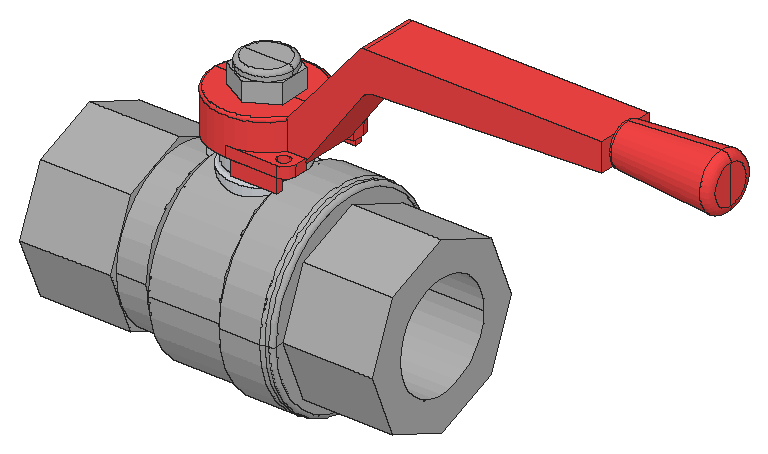
Revit family "QA01650000", category Apparecchi idraulici, Revit 2016
Family settings
  Tipo di parte = Normale
  Quota connettore circolare = Usa diametro
  Numero OmniClass = 23.45.00.00
  Titolo OmniClass = Sanitary, Laundry, and Cleaning Equipment
  Basato su piano di lavoro = No
  Sempre verticale = Sì
  Taglio con vuoti quando caricato = No
  Condiviso = No
  Punto di calcolo locali = No
Parameters
  URL = "https://web.cimberio.it/index.php/figura/125?subcategoria_id="
  DN Model [instance] = QA01651025 : QA01651025
  DN [instance] = 25 mm
Reference planes
  plane 1 "Centro (Fronte/Retro)": y = 0
  plane 2: z = 0
  plane 3 "Centro (Sinistra/Destra)": x = 0
Dimensions and locks
  aligned and locked: level to plane 2
Nested families
  nested 1: "QA01651025" at (0, 0, 0), type <- "DN Model", type "QA01651025"
  nested 2: "QA01651025" at (0, 0, 0), type <- "DN Model", type "QA01651025"
  nested 3: "QA01651025" at (0, 0, 0), type <- "DN Model", type "QA01651025"
  nested 4: "QA01651025" at (0, 0, 0), type <- "DN Model", type "QA01651025"
  nested 5: "QA01651025" at (0, 0, 0), type <- "DN Model", type "QA01651025"
  nested 6: "QA01651025" at (0, 0, 0), type <- "DN Model", type "QA01651025"
  nested 7: "QA01651025" at (0, 0, 0), type <- "DN Model", type "QA01651025"
  nested 8: "QA01651025" at (0, 0, 0), type <- "DN Model", type "QA01651025"
Connectors
  piping at (41.6, 0, 0), diameter 25, driven by "DN"
    settings: on nested 1, index 1, connector inside diameter 609.6 mm, connector length 0 mm, flow factor 0, pipe flow 0.0 L/s, pressure drop 0.0 Pa, fitting loss kfactor 0, connector angle 0.00°, fixture units 0, engagement length 0 mm, angle of deflection 0.00°, flow configuration 0, flow direction 0, fitting loss method 0, system type 7, joint type 0, gender type 0, connector reference index -1, connector utility 0, adjustable connector no, is connector primary yes, connector description ""
  piping at (-42, 0, 0), diameter 25, driven by "DN"
    settings: on nested 1, index 2, connector inside diameter 609.6 mm, connector length 0 mm, flow factor 0, pipe flow 0.0 L/s, pressure drop 0.0 Pa, fitting loss kfactor 0, connector angle 0.00°, fixture units 0, engagement length 0 mm, angle of deflection 0.00°, flow configuration 0, flow direction 0, fitting loss method 0, system type 7, joint type 0, gender type 0, connector reference index -1, connector utility 0, adjustable connector no, is connector primary no, connector description ""
Definition of nested family "QA01651025"
  Reference planes
    plane 1 "Centro (Fronte/Retro)": y = 0
    plane 2: z = 0
    plane 3 "Centro (Sinistra/Destra)": x = 0
  Forms (mm)
    Revolve 1, solid
      sketch origin (0, 0, 0) x (1, 0, 0) y (0, 1, 0)
        loop
          line (-20.6, 12.5) -> (20.1, 12.5) -> (20.1, 22.25)
          arc (20.1, 22.25) -> (19.807, 22.957) -> (19.1, 23.25) r 1
          line (19.1, 23.25) -> (18.06, 23.25) -> (17.29, 23.5) -> (7.6, 23.5) -> (6.4, 22.3) -> (-10.1, 22.3) -> (-13.4, 19) -> (-20.6, 19) -> (-20.6, 12.5)
        axis (-20.6, 0) -> (20.1, 0)
      angle from 0 to 360
    Extrusion 2, solid
      sketch origin (0, 0, 0) x (0, 1, 0) y (0, 0, 1)
        loop
          circle (0, 0) r 12.5
        loop
          line (0, 20.5) -> (-14.496, 14.496) -> (-20.5, 0) -> (-14.496, -14.496) -> (0, -20.5) -> (14.496, -14.496) -> (20.5, 0) -> (14.496, 14.496) -> (0, 20.5)
      from -42 to -20.6
    Extrusion 3, solid
      sketch origin (0, 0, 0) x (0, 1, 0) y (0, 0, -1)
        loop
          circle (0, 0) r 12.5
        loop
          line (0, -20.5) -> (14.496, -14.496) -> (20.5, 0) -> (14.496, 14.496) -> (0, 20.5) -> (-14.496, 14.496) -> (-20.5, 0) -> (-14.496, -14.496) -> (0, -20.5)
      from -41.6 to -20
    Revolve 4, solid
      sketch origin (0, 0, 0) x (1, 0, 0) y (0, 0, 1)
        loop
          line (0.065, 28.2) -> (-8.62, 28.2) -> (-8.62, 23.24)
          arc (-8.62, 23.24) -> (-8.917, 22.525) -> (-9.631, 22.229) r 1.011
          line (-9.631, 22.229) -> (-9.631, 19.618) -> (0.065, 19.618) -> (0.065, 28.2)
        axis (0.065, 19.618) -> (0.065, 28.2)
      angle from 0 to 360
    Extrusion 5, solid
      sketch origin (0, 0, 0) x (1, 0, 0) y (0, 0, 1)
        loop
          line (-8, 28.2) -> (-13, 28.2) -> (-13, 20.151)
          arc (-13, 20.151) -> (-12.606, 19.948) -> (-12.174, 19.851) r 1.741
          line (-12.174, 19.851) -> (-8, 19.851) -> (-8, 28.2)
      from -1.5 to 1.5
    Revolve 6, solid
      sketch origin (0, 0, 0) x (1, 0, 0) y (0, 0, 1)
        loop
          line (0, 32.842) -> (-8, 32.842) -> (-8, 26.688) -> (0, 26.688) -> (0, 32.842)
        axis (0, 32.842) -> (0, 26.688)
      angle from 0 to 360
    Revolve 7, solid
      sketch origin (0, 0, 0) x (1, 0, 0) y (0, 0, 1)
        loop
          line (0, 38.5) -> (-12, 38.5)
          arc (-12, 38.5) -> (-12.403, 38.267) -> (-12.5, 37.812) r 0.574
          line (-12.5, 37.812) -> (-12.5, 29) -> (0, 29) -> (0, 38.5)
        axis (0, 38.5) -> (0, 29)
      angle from 0 to 360
    Extrusion 8, solid
      sketch origin (0, 0, 0) x (1, 0, 0) y (0, 1, 0)
        loop
          arc (0, 12.5) -> (5.863, 11.04) -> (10.356, 7) r 12.5
          line (10.356, 7) -> (15, 7) -> (15, 9.999)
          arc (15, 9.999) -> (14.268, 11.767) -> (12.5, 12.5) r 2.5
          line (12.5, 12.5) -> (0, 12.5)
        loop
          line (0, -12.5) -> (12.5, -12.5)
          arc (12.5, -12.5) -> (14.268, -11.767) -> (15, -9.999) r 2.5
          line (15, -9.999) -> (15, -7) -> (10.356, -7)
          arc (10.356, -7) -> (5.863, -11.04) -> (0, -12.5) r 12.5
        loop
          circle (12, 10) r 1.5
        loop
          circle (12, -10) r 1.5
      from 29 to 31.5
    Extrusion 9, solid
      sketch origin (0, 0, 0) x (1, 0, 0) y (0, 1, 0)
        loop
          line (12.397, -12.5) -> (12.397, -10.9) -> (1.6, -10.9) -> (1.6, -12.5) -> (12.397, -12.5)
      from 25.5 to 29
    Extrusion 10, solid
      sketch origin (0, 0, 0) x (1, 0, 0) y (0, 1, 0)
        loop
          line (12.397, 12.5) -> (1.6, 12.5) -> (1.6, 10.9) -> (12.397, 10.9) -> (12.397, 12.5)
      from 25.5 to 29
    Extrusion 11, solid
      sketch origin (0, 0, 0) x (1, 0, 0) y (0, 1, 0)
        loop
          line (-0.192, 7.499) -> (-6.59, 3.583) -> (-6.399, -3.916) -> (0.192, -7.499) -> (6.59, -3.583) -> (6.399, 3.916) -> (-0.192, 7.499)
      from 38.5 to 43
    Revolve 12, solid
      sketch origin (0, 0, 0) x (1, 0, 0) y (0, 0, 1)
        loop
          arc (-5.25, 45) -> (-5.957, 44.707) -> (-6.25, 44) r 1
          line (-6.25, 44) -> (-6.25, 43) -> (0, 43) -> (0, 45) -> (-5.25, 45)
        axis (0, 45) -> (0, 43)
      angle from 0 to 360
    Extrusion 13, solid
      sketch origin (0, 0, 0) x (1, 0, 0) y (0, 0, 1)
        loop
          line (10.356, 38.239) -> (10.356, 29.654) -> (14.118, 29.654) -> (28.704, 49.682)
          arc (28.704, 49.682) -> (29.406, 50.296) -> (30.306, 50.545) r 2.1
          line (30.306, 50.545) -> (85.121, 53.005) -> (84.946, 59.5) -> (29.02, 59.5)
          arc (29.02, 59.5) -> (28.132, 59.303) -> (27.411, 58.75) r 2.1
          line (27.411, 58.75) -> (10.356, 38.239)
      from -7 to 7
    Revolve 14, solid
      sketch origin (0, 0, 0) x (1, 0, 0) y (0, 0, 1)
        loop
          arc (85.745, 61.288) -> (85.215, 61.036) -> (85, 60.49) r 0.8
          line (85, 60.49) -> (84.499, 59.5) -> (84.499, 56.253) -> (110, 56.253) -> (110, 60.825)
          arc (110, 60.825) -> (109.356, 62.297) -> (107.836, 62.82) r 2
          line (107.836, 62.82) -> (85.745, 61.288)
        axis (84.499, 56.253) -> (110, 56.253)
      angle from 0 to 360
  Cuts and joins
    joined: Revolve 4, Extrusion 5
  Dimensions and locks
    aligned and locked: level to plane 2
